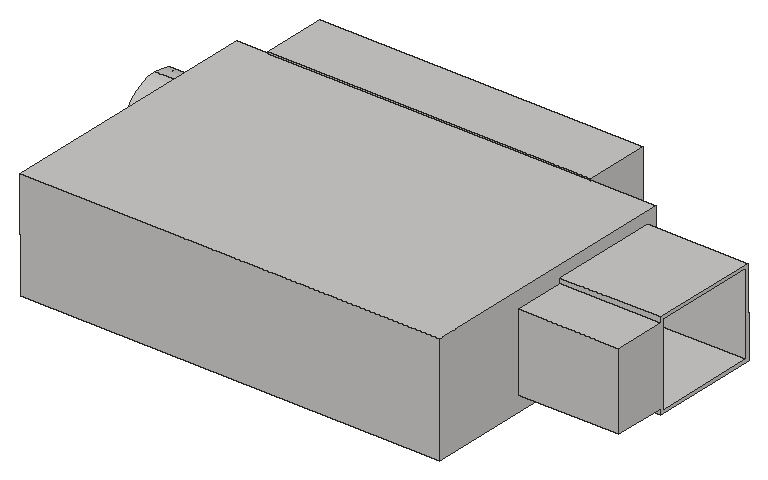
Revit family
Parameters
  Width = 2' - 2"
  Voltage = 240 V
  Unit Weight = "146.0 lbs"
  URL = "http://www.titus-hvac.com/"
  UL = "181"
  Supply Air Flow [instance] = 0 CFM
  Primary Air Pressure Drop [instance] = 0.00 in-wg
  Primary Air Flow [instance] = 0 CFM
  Plenum Air Pressure Drop [instance] = 0.00 in-wg
  Plenum Air Flow [instance] = 0 CFM
  Outlet Width = 0' - 10 1/2"
  Outlet Vertical Offset = 0' - 2 1/4"
  Outlet Horizontal Offset = 0' - 1 1/16"
  Outlet Height = 0' - 8 3/8"
  Number of Poles = 2
  Nominal Width = Width + 0' 6 1/4"  # 2' - 8 1/4"
  Nominal Length = Length + 0' 3 3/8" + 0' 9 3/4"  # 4' - 5 3/8"
  Nominal Inlet Size = 0' - 8"
  Nominal Height = 0' - 10 5/8"  # constant formula
  NFPA = "90A"
  Motor Full Load Amps [instance] = 2.4 A
  Model = "DFLS"
  Min. Air Flow = 0 CFM
  Max. Air Flow = 900 CFM
  Material = Steel
  Manufacturer = "Titus"
  Lynergy Controlled Heater = no
  Length = 3' - 4 1/4"
  Juction Box Offset = 0' - 3"
  Inlet Diameter = Nominal Inlet Size - 0' 0 1/8"  # 0' - 7 7/8"
  Induced Air Inlet Vertical Offset = 0' - 0 5/8"
  Induced Air Inlet Horizontal Offset = 0' - 0 7/8"
  Induced Air Inlet Width = 1' - 2 5/8"
  Induced Air Inlet Height = 0' - 8 3/4"
  Induced Air Filter = no
  Height = 0' - 10 1/2"
  Heating Total Capacity [instance] = 0 Btu/h
  Half Outlet Connection Width = Outlet Width / 2  # 0' - 5 1/4"
  Half Outlet Connection Height = Outlet Height / 2  # 0' - 4 3/16"
  Half Height Start = -(Height / 2)  # -0' - 5 1/4"
  Half Height End = Height / 2  # 0' - 5 1/4"
  HP-Motor = "1/4"
  Fuse Block = no
  Frequency = 60 Hz
  Foil Face Liner = Choose Liner Option = 1  # no
  Fiber Free Liner = Choose Liner Option = 2  # no
  Electric Heat Power [instance] = 0 VA
  Duct Radius = Nominal Inlet Size / 2  # 0' - 4"
  Disconnect Switch = no
  Description = "Series Fan Powered Terminal Unit, Direct Digital Control, Pressure Independent, Low Profile"
  Connection Void Radius = Connection Radius - 0' 0 1/4"  # 0' - 3 11/16"
  Connection Radius = Inlet Diameter / 2  # 0' - 3 15/16"
  Choose Liner Option = 0
  CADworks URL = "www.CADworks.net"
  Assembly Code = "D3040100"
  Apparent Power [instance] = Electric Heat Power + Motor Full Load Amps * Voltage  # 576 VA
  Air Inlet Offset = 0' - 5 5/8"
  1/2" Fiberglass Liner = Choose Liner Option = 0  # yes
Reference planes (in)
  plane 1 "Center (Front/Back)": y = 0
  plane 2: z = 0
  plane 3 "Center (Left/Right)": x = 3
  plane 4: x = -17.125
  plane 5: x = 23.125
  plane 6: x = -14.125
  plane 7: x = -20.5
  plane 8 "Center (Elevation)": z = 0
  plane 9: y = -13
  plane 10: y = 13
  plane 11: y = 7.375
  plane 12: y = -12.125
  plane 13: z = 5.25
  plane 14: z = -5.25
  plane 15: x = -11.125
  plane 16: y = 19.25
  plane 17: x = 32.875
Forms (in)
  Extrusion 1, solid, material "Steel" <- "Material"
    sketch origin (0, 0, 0) x (1, 0, 0) y (0, 1, 0)
      loop
        line (-17.125, 13) -> (-17.125, -13) -> (23.125, -13) -> (23.125, 13) -> (-17.125, 13)
    from -5.25 <- "Half Height Start" to 5.25 <- "Half Height End"
  Extrusion 2, solid, material "Steel" <- "Material"
    sketch origin (4.5, 0, -4.25) x (1, 0, 0) y (0, 1, 0)
      loop
        line (-18.625, 13) -> (12.375, 13) -> (12.375, 19.25) -> (-18.625, 19.25) -> (-18.625, 13)
    from 0 to 9.625
  Extrusion 3, solid, material "Steel" <- "Material"
    sketch origin (-24.875, -5.125, 0) x (0, 0, -1) y (0, 1, 0)
      loop
        circle (0, 12.5) r 3.9375
    from 4.375 to 7.75
  Extrusion 4, void
    sketch origin (-24.875, 0, 0) x (0, 1, 0) y (0, 0, 1)
      loop
        circle (7.375, 0) r 3.6875
    from 4.375 to 13.75
  Extrusion 5, void
    sketch origin (-17.125, -13, 0) x (0, -1, 0) y (0, 0, -1)
      loop
        line (-15.5, -4.125) -> (-0.875, -4.125) -> (-0.875, 4.625) -> (-15.5, 4.625) -> (-15.5, -4.125)
    from 0 to 6
  Extrusion 6, solid, material "Steel" <- "Material"
    sketch origin (23.125, 42.625, 0) x (0, -1, 0) y (0, 0, -1)
      loop
        line (46.25, -3.6875) -> (46.25, 3.6875) -> (41.25, 3.6875) -> (41.25, 4.1875) -> (30.75, 4.1875) -> (30.75, -4.1875) -> (41.25, -4.1875) -> (41.25, -3.6875) -> (46.25, -3.6875)
      loop
        line (41, -3.9375) -> (41, 3.9375) -> (31, 3.9375) -> (31, -3.9375) -> (41, -3.9375)
    from 0 to 9.75
Cuts and joins
  Extrusion 4, Extrusion 5 cuts Extrusion 1
  Extrusion 4 cuts Extrusion 3
Dimensions and locks (in)
  "Length": plane 5 to plane 4
  equal spacing: plane 5, plane 3 "Center (Left/Right)", plane 4, locked at 20.125 each
  locked: Extrusion 2 to Extrusion 2 at 31
  "Juction Box Offset": plane 6 to plane 4
  locked: plane 4 to plane 7 at 3.375
  "Width": plane 9 to plane 10
  equal spacing: plane 9, plane 1 "Center (Front/Back)", plane 10, locked at 13 each
  locked: Extrusion 2 to Extrusion 2 at 6.25
  locked: cut or joined group of Extrusion 3, Extrusion 4 to plane 11 at 0
  locked: Extrusion 4 sketch curve to plane 11 at 0  (x2)
  "Air Inlet Offset": plane 10 to plane 11
  locked: cut or joined group of Extrusion 3, Extrusion 4 to cut or joined group of Extrusion 3, Extrusion 4 at 3.375
  "Induced Air Inlet Horizontal Offset": plane 9 to plane 12
  "Induced Air Inlet Width": Extrusion 5 sketch curve to Extrusion 5 sketch curve
  "Induced Air Inlet Height": Extrusion 5 sketch curve to Extrusion 5 sketch curve
  "Induced Air Inlet Horizontal Offset": Extrusion 5 sketch curve to plane 9
  locked: Extrusion 6 sketch curve to Extrusion 6 sketch curve at 5  (x2)
  locked: Extrusion 3 sketch curve to level at 0
  locked: Extrusion 3 sketch curve to plane 11 at 0
  locked: Extrusion 4 sketch curve to level at 0
  "Induced Air Inlet Vertical Offset": cut or joined group of Extrusion 1, Extrusion 4, Extrusion 5 to Extrusion 5 sketch curve
  locked: plane 5 to plane 17 at 9.75
  equal spacing: plane 13, level, plane 14, locked at 5.25 each
  locked: Extrusion 2 to Extrusion 2 at 9.625
  locked: plane 14 to Extrusion 2 at 1
  Extrusion 6 sketch curve to Extrusion 6 sketch curve = 0' - 7 3/8"
  equal spacing: Extrusion 6 sketch curve, level, Extrusion 6 sketch curve, locked at 3.6875 each
  locked: Extrusion 6 sketch curve to Extrusion 6 sketch curve at 0.5  (x2)
  "Outlet Width": Extrusion 6 sketch curve to Extrusion 6 sketch curve
  locked: Extrusion 6 sketch curve to plane 10 at 1.125
  "Outlet Height": Extrusion 6 sketch curve to Extrusion 6 sketch curve
  equal spacing: Extrusion 6 sketch curve, level, Extrusion 6 sketch curve, locked at 4.1875 each
  locked: Extrusion 6 sketch curve to Extrusion 6 sketch curve at 0.25  (x4)
  "Connection Radius": radius of Extrusion 3 sketch curve
  "Connection Void Radius": radius of Extrusion 4 sketch curve
  aligned and locked: plane 13 to cut or joined group of Extrusion 1, Extrusion 4, Extrusion 5
  aligned and locked: plane 14 to cut or joined group of Extrusion 1, Extrusion 4, Extrusion 5
  aligned and locked: plane 15 to Extrusion 5
  aligned and locked: Extrusion 5 to Extrusion 4
  aligned and locked: plane 16 to Extrusion 2
  aligned and locked: plane 10 to cut or joined group of Extrusion 1, Extrusion 4, Extrusion 5
  aligned and locked: plane 4 to cut or joined group of Extrusion 1, Extrusion 4, Extrusion 5  (x3)
  aligned and locked: plane 5 to cut or joined group of Extrusion 1, Extrusion 4, Extrusion 5
  aligned and locked: plane 9 to cut or joined group of Extrusion 1, Extrusion 4, Extrusion 5
  aligned and locked: plane 12 to cut or joined group of Extrusion 1, Extrusion 4, Extrusion 5
  aligned and locked: plane 15 to cut or joined group of Extrusion 1, Extrusion 4, Extrusion 5  (x2)
  aligned and locked: plane 7 to cut or joined group of Extrusion 3, Extrusion 4  (x2)
  aligned and locked: plane 4 to cut or joined group of Extrusion 3, Extrusion 4
  aligned and locked: plane 6 to Extrusion 2
  aligned and locked: plane 10 to Extrusion 2
  aligned and locked: plane 5 to Extrusion 6
  aligned and locked: plane 17 to Extrusion 6
Automatic sketch dimensions
  Extrusion 1 sketch curve to plane 4 = 0' - 0"
  Extrusion 1 sketch curve to plane 5 = 0' - 0"
  Extrusion 1 sketch curve to plane 9 = 0' - 0"
  Extrusion 1 sketch curve to plane 10 = 0' - 0"
  Extrusion 2 sketch curve to plane 6 = 0' - 0"
  Extrusion 2 sketch curve to plane 10 = 0' - 0"
  Extrusion 2 sketch curve to plane 5 = 0' - 6 1/4"
  Extrusion 2 sketch curve to Extrusion 2 sketch curve = 0' - 6 1/4"
  Extrusion 6 sketch curve to Extrusion 6 sketch curve = 0' - 0 1/4"  (x2)
Connectors (in)
  electrical at (1.375, 19.25, 0.5625), driven by "Apparent Power", driven by "Voltage", driven by "Number of Poles"
    settings: on Extrusion 2, index 8
  hvac at (-20.5, 7.375, 0), driven by "Primary Air Flow", driven by "Duct Radius", driven by "Primary Air Pressure Drop"
    settings: on cut or joined group of Extrusion 3, Extrusion 4, index 9
  hvac at (-17.125, -4.8125, -0.25), driven by "Plenum Air Flow", driven by "Induced Air Inlet Height", driven by "Induced Air Inlet Width", driven by "Plenum Air Pressure Drop"
    settings: on cut or joined group of Extrusion 1, Extrusion 4, Extrusion 5, index 10
  hvac at (32.875, 6.625, 0), driven by "Supply Air Flow", driven by "Outlet Height", driven by "Outlet Width"
    settings: on Extrusion 6, index 13
